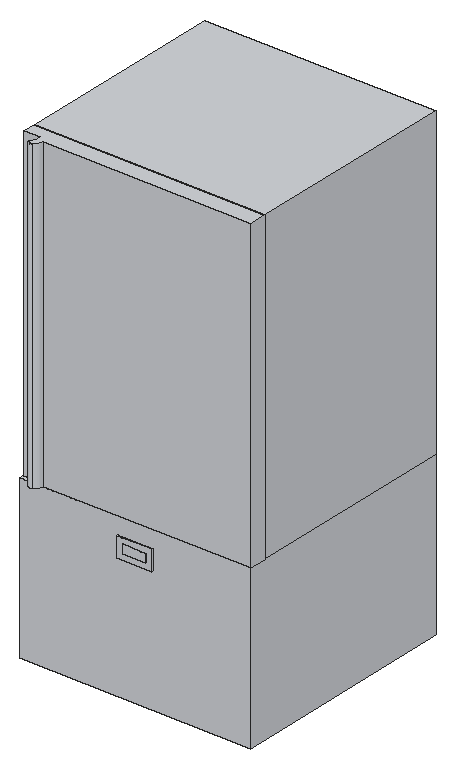
Revit family "Шкафы шоковой заморозки", category Оборудование, Revit 2020 (continued)
Lines and regions (mm)
  model lines, visible <- "Высокий", detail levels fine
    curve 3170: line (400, -666.363, 132.715) -> (400, -645.15, 111.501)
    curve 3171: line (400, -666.363, 117.715) -> (400, -645.15, 96.501)
    curve 3172: line (400, -666.363, 102.715) -> (400, -645.15, 81.501)
    curve 3173: line (400, -636.363, 207.723) -> (400, -615.15, 186.501)
    curve 3174: line (400, -636.363, 192.715) -> (400, -615.15, 171.501)
    curve 3175: line (400, -636.363, 177.715) -> (400, -615.15, 156.501)
    curve 3176: line (400, -636.363, 162.715) -> (400, -615.15, 141.501)
    curve 3177: line (400, -636.363, 147.715) -> (400, -615.15, 126.501)
    curve 3178: line (400, -636.363, 132.715) -> (400, -615.15, 111.501)
    curve 3179: line (400, -636.363, 117.715) -> (400, -615.15, 96.501)
    curve 3180: line (400, -636.363, 102.715) -> (400, -615.15, 81.501)
    curve 3181: line (400, -606.363, 207.723) -> (400, -585.15, 186.501)
    curve 3182: line (400, -606.363, 192.715) -> (400, -585.15, 171.501)
    curve 3183: line (400, -606.363, 177.715) -> (400, -585.15, 156.501)
    curve 3184: line (400, -606.363, 162.715) -> (400, -585.15, 141.501)
    curve 3185: line (400, -606.363, 147.715) -> (400, -585.15, 126.501)
    curve 3186: line (400, -606.363, 132.715) -> (400, -585.15, 111.501)
    curve 3187: line (400, -606.363, 117.715) -> (400, -585.15, 96.501)
    curve 3188: line (400, -606.363, 102.715) -> (400, -585.15, 81.501)
    curve 3189: line (400, -576.363, 207.723) -> (400, -555.15, 186.501)
    curve 3190: line (400, -576.363, 192.715) -> (400, -555.15, 171.501)
    curve 3191: line (400, -576.363, 177.715) -> (400, -555.15, 156.501)
    curve 3192: line (400, -576.363, 162.715) -> (400, -555.15, 141.501)
    curve 3193: line (400, -576.363, 147.715) -> (400, -555.15, 126.501)
    curve 3194: line (400, -576.363, 132.715) -> (400, -555.15, 111.501)
    curve 3195: line (400, -576.363, 117.715) -> (400, -555.15, 96.501)
    curve 3196: line (400, -576.363, 102.715) -> (400, -555.15, 81.501)
    curve 3197: line (400, -546.363, 207.723) -> (400, -525.15, 186.501)
    curve 3198: line (400, -546.363, 192.715) -> (400, -525.15, 171.501)
    curve 3199: line (400, -546.363, 177.715) -> (400, -525.15, 156.501)
    curve 3200: line (400, -546.363, 162.715) -> (400, -525.15, 141.501)
    curve 3201: line (400, -546.363, 147.715) -> (400, -525.15, 126.501)
    curve 3202: line (400, -546.363, 132.715) -> (400, -525.15, 111.501)
    curve 3203: line (400, -546.363, 117.715) -> (400, -525.15, 96.501)
    curve 3204: line (400, -546.363, 102.715) -> (400, -525.15, 81.501)
    curve 3205: line (400, -516.363, 207.723) -> (400, -495.15, 186.501)
    curve 3206: line (400, -516.363, 192.715) -> (400, -495.15, 171.501)
    curve 3207: line (400, -516.363, 177.715) -> (400, -495.15, 156.501)
    curve 3208: line (400, -516.363, 162.715) -> (400, -495.15, 141.501)
    curve 3209: line (400, -516.363, 147.715) -> (400, -495.15, 126.501)
    curve 3210: line (400, -516.363, 132.715) -> (400, -495.15, 111.501)
    curve 3211: line (400, -516.363, 117.715) -> (400, -495.15, 96.501)
    curve 3212: line (400, -516.363, 102.715) -> (400, -495.15, 81.501)
    curve 3213: line (400, -486.363, 207.723) -> (400, -465.15, 186.501)
    curve 3214: line (400, -486.363, 192.715) -> (400, -465.15, 171.501)
    curve 3215: line (400, -486.363, 177.715) -> (400, -465.15, 156.501)
    curve 3216: line (400, -486.363, 162.715) -> (400, -465.15, 141.501)
    curve 3217: line (400, -486.363, 147.715) -> (400, -465.15, 126.501)
    curve 3218: line (400, -486.363, 132.715) -> (400, -465.15, 111.501)
    curve 3219: line (400, -486.363, 117.715) -> (400, -465.15, 96.501)
    curve 3220: line (400, -486.363, 102.715) -> (400, -465.15, 81.501)
    curve 3221: line (400, -456.363, 207.723) -> (400, -435.15, 186.501)
    curve 3222: line (400, -456.363, 192.715) -> (400, -435.15, 171.501)
    curve 3223: line (400, -456.363, 177.715) -> (400, -435.15, 156.501)
    curve 3224: line (400, -456.363, 162.715) -> (400, -435.15, 141.501)
    curve 3225: line (400, -456.363, 147.715) -> (400, -435.15, 126.501)
    curve 3226: line (400, -456.363, 132.715) -> (400, -435.15, 111.501)
    curve 3227: line (400, -456.363, 117.715) -> (400, -435.15, 96.501)
    curve 3228: line (400, -456.363, 102.715) -> (400, -435.15, 81.501)
    curve 3229: line (400, -426.363, 207.723) -> (400, -405.15, 186.501)
    curve 3230: line (400, -426.363, 192.715) -> (400, -405.15, 171.501)
    curve 3231: line (400, -426.363, 177.715) -> (400, -405.15, 156.501)
    curve 3232: line (400, -426.363, 162.715) -> (400, -405.15, 141.501)
    curve 3233: line (400, -426.363, 147.715) -> (400, -405.15, 126.501)
    curve 3234: line (400, -426.363, 132.715) -> (400, -405.15, 111.501)
    curve 3235: line (400, -426.363, 117.715) -> (400, -405.15, 96.501)
    curve 3236: line (400, -426.363, 102.715) -> (400, -405.15, 81.501)
    curve 3237: line (400, -396.363, 207.723) -> (400, -375.15, 186.501)
    curve 3238: line (400, -396.363, 192.715) -> (400, -375.15, 171.501)
    curve 3239: line (400, -396.363, 177.715) -> (400, -375.15, 156.501)
    curve 3240: line (400, -396.363, 162.715) -> (400, -375.15, 141.501)
    curve 3241: line (400, -396.363, 147.715) -> (400, -375.15, 126.501)
    curve 3242: line (400, -396.363, 132.715) -> (400, -375.15, 111.501)
    curve 3243: line (400, -396.363, 117.715) -> (400, -375.15, 96.501)
    curve 3244: line (400, -396.363, 102.715) -> (400, -375.15, 81.501)
    curve 3245: line (400, -71.801, 207.715) -> (400, -92.85, 186.501)
    curve 3246: line (400, -71.801, 192.715) -> (400, -92.85, 171.501)
    curve 3247: line (400, -71.801, 177.715) -> (400, -92.85, 156.501)
    curve 3248: line (400, -71.801, 162.715) -> (400, -92.85, 141.501)
    curve 3249: line (400, -71.801, 147.715) -> (400, -92.85, 126.501)
    curve 3250: line (400, -71.801, 132.715) -> (400, -92.85, 111.501)
    curve 3251: line (400, -71.801, 117.715) -> (400, -92.85, 96.501)
    curve 3252: line (400, -71.801, 102.715) -> (400, -92.85, 81.501)
    curve 3253: line (400, -101.637, 207.723) -> (400, -122.85, 186.501)
    curve 3254: line (400, -101.637, 192.715) -> (400, -122.85, 171.501)
    curve 3255: line (400, -101.637, 177.715) -> (400, -122.85, 156.501)
    curve 3256: line (400, -101.637, 162.715) -> (400, -122.85, 141.501)
    curve 3257: line (400, -101.637, 147.715) -> (400, -122.85, 126.501)
    curve 3258: line (400, -101.637, 132.715) -> (400, -122.85, 111.501)
    curve 3259: line (400, -101.637, 117.715) -> (400, -122.85, 96.501)
    curve 3260: line (400, -101.637, 102.715) -> (400, -122.85, 81.501)
    curve 3261: line (400, -131.637, 207.723) -> (400, -152.85, 186.501)
    curve 3262: line (400, -131.637, 192.715) -> (400, -152.85, 171.501)
    curve 3263: line (400, -131.637, 177.715) -> (400, -152.85, 156.501)
    curve 3264: line (400, -131.637, 162.715) -> (400, -152.85, 141.501)
    curve 3265: line (400, -131.637, 147.715) -> (400, -152.85, 126.501)
    curve 3266: line (400, -131.637, 132.715) -> (400, -152.85, 111.501)
    curve 3267: line (400, -131.637, 117.715) -> (400, -152.85, 96.501)
    curve 3268: line (400, -131.637, 102.715) -> (400, -152.85, 81.501)
    curve 3269: line (400, -161.637, 207.723) -> (400, -182.85, 186.501)
    curve 3270: line (400, -161.637, 192.715) -> (400, -182.85, 171.501)
    curve 3271: line (400, -161.637, 177.715) -> (400, -182.85, 156.501)
    curve 3272: line (400, -161.637, 162.715) -> (400, -182.85, 141.501)
    curve 3273: line (400, -161.637, 147.715) -> (400, -182.85, 126.501)
    curve 3274: line (400, -161.637, 132.715) -> (400, -182.85, 111.501)
    curve 3275: line (400, -161.637, 117.715) -> (400, -182.85, 96.501)
    curve 3276: line (400, -161.637, 102.715) -> (400, -182.85, 81.501)
    curve 3277: line (400, -191.637, 207.723) -> (400, -212.85, 186.501)
    curve 3278: line (400, -191.637, 192.715) -> (400, -212.85, 171.501)
    curve 3279: line (400, -191.637, 177.715) -> (400, -212.85, 156.501)
    curve 3280: line (400, -191.637, 162.715) -> (400, -212.85, 141.501)
    curve 3281: line (400, -191.637, 147.715) -> (400, -212.85, 126.501)
    curve 3282: line (400, -191.637, 132.715) -> (400, -212.85, 111.501)
    curve 3283: line (400, -191.637, 117.715) -> (400, -212.85, 96.501)
    curve 3284: line (400, -191.637, 102.715) -> (400, -212.85, 81.501)
    curve 3285: line (400, -221.637, 207.723) -> (400, -242.85, 186.501)
    curve 3286: line (400, -221.637, 192.715) -> (400, -242.85, 171.501)
    curve 3287: line (400, -221.637, 177.715) -> (400, -242.85, 156.501)
    curve 3288: line (400, -221.637, 162.715) -> (400, -242.85, 141.501)
    curve 3289: line (400, -221.637, 147.715) -> (400, -242.85, 126.501)
    curve 3290: line (400, -221.637, 132.715) -> (400, -242.85, 111.501)
    curve 3291: line (400, -221.637, 117.715) -> (400, -242.85, 96.501)
    curve 3292: line (400, -221.637, 102.715) -> (400, -242.85, 81.501)
    curve 3293: line (400, -251.637, 207.723) -> (400, -272.85, 186.501)
    curve 3294: line (400, -251.637, 192.715) -> (400, -272.85, 171.501)
    curve 3295: line (400, -251.637, 177.715) -> (400, -272.85, 156.501)
    curve 3296: line (400, -251.637, 162.715) -> (400, -272.85, 141.501)
    curve 3297: line (400, -251.637, 147.715) -> (400, -272.85, 126.501)
    curve 3298: line (400, -251.637, 132.715) -> (400, -272.85, 111.501)
    curve 3299: line (400, -251.637, 117.715) -> (400, -272.85, 96.501)
    curve 3300: line (400, -251.637, 102.715) -> (400, -272.85, 81.501)
    curve 3301: line (400, -281.637, 207.723) -> (400, -302.85, 186.501)
    curve 3302: line (400, -281.637, 192.715) -> (400, -302.85, 171.501)
    curve 3303: line (400, -281.637, 177.715) -> (400, -302.85, 156.501)
    curve 3304: line (400, -281.637, 162.715) -> (400, -302.85, 141.501)
    curve 3305: line (400, -281.637, 147.715) -> (400, -302.85, 126.501)
    curve 3306: line (400, -281.637, 132.715) -> (400, -302.85, 111.501)
    curve 3307: line (400, -281.637, 117.715) -> (400, -302.85, 96.501)
    curve 3308: line (400, -281.637, 102.715) -> (400, -302.85, 81.501)
    curve 3309: line (400, -311.637, 207.723) -> (400, -332.85, 186.501)
    curve 3310: line (400, -311.637, 192.715) -> (400, -332.85, 171.501)
    curve 3311: line (400, -311.637, 177.715) -> (400, -332.85, 156.501)
    curve 3312: line (400, -311.637, 162.715) -> (400, -332.85, 141.501)
    curve 3313: line (400, -311.637, 147.715) -> (400, -332.85, 126.501)
    curve 3314: line (400, -311.637, 132.715) -> (400, -332.85, 111.501)
    curve 3315: line (400, -311.637, 117.715) -> (400, -332.85, 96.501)
    curve 3316: line (400, -311.637, 102.715) -> (400, -332.85, 81.501)
    curve 3317: line (400, -341.637, 207.723) -> (400, -362.85, 186.501)
    curve 3318: line (400, -341.637, 192.715) -> (400, -362.85, 171.501)
    curve 3319: line (400, -341.637, 177.715) -> (400, -362.85, 156.501)
    curve 3320: line (400, -341.637, 162.715) -> (400, -362.85, 141.501)
    curve 3321: line (400, -341.637, 147.715) -> (400, -362.85, 126.501)
    curve 3322: line (400, -341.637, 132.715) -> (400, -362.85, 111.501)
    curve 3323: line (400, -341.637, 117.715) -> (400, -362.85, 96.501)
    curve 3324: line (400, -341.637, 102.715) -> (400, -362.85, 81.501)
    curve 3328: line (400, -666.363, 333.182) -> (400, -645.15, 311.961)
    curve 3329: line (400, -666.363, 318.174) -> (400, -645.15, 296.961)
    curve 3330: line (400, -666.363, 303.174) -> (400, -645.15, 281.961)
    curve 3331: line (400, -666.363, 288.174) -> (400, -645.15, 266.961)
    curve 3332: line (400, -666.355, 273.174) -> (400, -645.15, 251.961)
    curve 3333: line (400, -666.363, 258.174) -> (400, -645.15, 236.961)
    curve 3334: line (400, -666.363, 243.174) -> (400, -645.15, 221.961)
    curve 3335: line (400, -666.363, 228.174) -> (400, -645.15, 206.961)
    curve 3336: line (400, -636.363, 333.182) -> (400, -615.15, 311.961)
    curve 3337: line (400, -636.363, 318.174) -> (400, -615.15, 296.961)
    curve 3338: line (400, -636.363, 303.174) -> (400, -615.15, 281.961)
    curve 3339: line (400, -636.363, 288.174) -> (400, -615.15, 266.961)
    curve 3340: line (400, -636.363, 273.174) -> (400, -615.15, 251.961)
    curve 3341: line (400, -636.363, 258.174) -> (400, -615.15, 236.961)
    curve 3342: line (400, -636.363, 243.174) -> (400, -615.15, 221.961)
    curve 3343: line (400, -636.363, 228.174) -> (400, -615.15, 206.961)
    curve 3344: line (400, -606.363, 333.182) -> (400, -585.15, 311.961)
    curve 3345: line (400, -606.363, 318.174) -> (400, -585.15, 296.961)
    curve 3346: line (400, -606.363, 303.174) -> (400, -585.15, 281.961)
    curve 3347: line (400, -606.363, 288.174) -> (400, -585.15, 266.961)
    curve 3348: line (400, -606.363, 273.174) -> (400, -585.15, 251.961)
    curve 3349: line (400, -606.363, 258.174) -> (400, -585.15, 236.961)
    curve 3350: line (400, -606.363, 243.174) -> (400, -585.15, 221.961)
    curve 3351: line (400, -606.363, 228.174) -> (400, -585.15, 206.961)
    curve 3352: line (400, -576.363, 333.182) -> (400, -555.15, 311.961)
    curve 3353: line (400, -576.363, 318.174) -> (400, -555.15, 296.961)
    curve 3354: line (400, -576.363, 303.174) -> (400, -555.15, 281.961)
    curve 3355: line (400, -576.363, 288.174) -> (400, -555.15, 266.961)
    curve 3356: line (400, -576.363, 273.174) -> (400, -555.15, 251.961)
    curve 3357: line (400, -576.363, 258.174) -> (400, -555.15, 236.961)
    curve 3358: line (400, -576.363, 243.174) -> (400, -555.15, 221.961)
    curve 3359: line (400, -576.363, 228.174) -> (400, -555.15, 206.961)
    curve 3360: line (400, -546.363, 333.182) -> (400, -525.15, 311.961)
    curve 3361: line (400, -546.363, 318.174) -> (400, -525.15, 296.961)
    curve 3362: line (400, -546.363, 303.174) -> (400, -525.15, 281.961)
    curve 3363: line (400, -546.363, 288.174) -> (400, -525.15, 266.961)
    curve 3364: line (400, -546.363, 273.174) -> (400, -525.15, 251.961)
    curve 3365: line (400, -546.363, 258.174) -> (400, -525.15, 236.961)
    curve 3366: line (400, -546.363, 243.174) -> (400, -525.15, 221.961)
    curve 3367: line (400, -546.363, 228.174) -> (400, -525.15, 206.961)
    curve 3368: line (400, -516.363, 333.182) -> (400, -495.15, 311.961)
    curve 3369: line (400, -516.363, 318.174) -> (400, -495.15, 296.961)
    curve 3370: line (400, -516.363, 303.174) -> (400, -495.15, 281.961)
    curve 3371: line (400, -516.363, 288.174) -> (400, -495.15, 266.961)
    curve 3372: line (400, -516.363, 273.174) -> (400, -495.15, 251.961)
    curve 3373: line (400, -516.363, 258.174) -> (400, -495.15, 236.961)
    curve 3374: line (400, -516.363, 243.174) -> (400, -495.15, 221.961)
    curve 3375: line (400, -516.363, 228.174) -> (400, -495.15, 206.961)
    curve 3376: line (400, -486.363, 333.182) -> (400, -465.15, 311.961)
    curve 3377: line (400, -486.363, 318.174) -> (400, -465.15, 296.961)
    curve 3378: line (400, -486.363, 303.174) -> (400, -465.15, 281.961)
    curve 3379: line (400, -486.363, 288.174) -> (400, -465.15, 266.961)
    curve 3380: line (400, -486.363, 273.174) -> (400, -465.15, 251.961)
    curve 3381: line (400, -486.363, 258.174) -> (400, -465.15, 236.961)
    curve 3382: line (400, -486.363, 243.174) -> (400, -465.15, 221.961)
    curve 3383: line (400, -486.363, 228.174) -> (400, -465.15, 206.961)
    curve 3384: line (400, -456.363, 333.182) -> (400, -435.15, 311.961)
    curve 3385: line (400, -456.363, 318.174) -> (400, -435.15, 296.961)
    curve 3386: line (400, -456.363, 303.174) -> (400, -435.15, 281.961)
    curve 3387: line (400, -456.363, 288.174) -> (400, -435.15, 266.961)
    curve 3388: line (400, -456.363, 273.174) -> (400, -435.15, 251.961)
    curve 3389: line (400, -456.363, 258.174) -> (400, -435.15, 236.961)
    curve 3390: line (400, -456.363, 243.174) -> (400, -435.15, 221.961)
    curve 3391: line (400, -456.363, 228.174) -> (400, -435.15, 206.961)
    curve 3392: line (400, -426.363, 333.182) -> (400, -405.15, 311.961)
    curve 3393: line (400, -426.363, 318.174) -> (400, -405.15, 296.961)
    curve 3394: line (400, -426.363, 303.174) -> (400, -405.15, 281.961)
    curve 3395: line (400, -426.363, 288.174) -> (400, -405.15, 266.961)
    curve 3396: line (400, -426.363, 273.174) -> (400, -405.15, 251.961)
    curve 3397: line (400, -426.363, 258.174) -> (400, -405.15, 236.961)
    curve 3398: line (400, -426.363, 243.174) -> (400, -405.15, 221.961)
    curve 3399: line (400, -426.363, 228.174) -> (400, -405.15, 206.961)
    curve 3400: line (400, -396.363, 333.182) -> (400, -375.15, 311.961)
    curve 3401: line (400, -396.363, 318.174) -> (400, -375.15, 296.961)
    curve 3402: line (400, -396.363, 303.174) -> (400, -375.15, 281.961)
    curve 3403: line (400, -396.363, 288.174) -> (400, -375.15, 266.961)
    curve 3404: line (400, -396.363, 273.174) -> (400, -375.15, 251.961)
    curve 3405: line (400, -396.363, 258.174) -> (400, -375.15, 236.961)
    curve 3406: line (400, -396.363, 243.174) -> (400, -375.15, 221.961)
    curve 3407: line (400, -396.363, 228.174) -> (400, -375.15, 206.961)
    curve 3408: line (400, -71.801, 333.182) -> (400, -92.85, 311.961)
    curve 3409: line (400, -71.801, 318.174) -> (400, -92.85, 296.961)
    curve 3410: line (400, -71.801, 303.174) -> (400, -92.85, 281.961)
    curve 3411: line (400, -71.801, 288.174) -> (400, -92.85, 266.961)
    curve 3412: line (400, -71.801, 273.174) -> (400, -92.85, 251.961)
    curve 3413: line (400, -71.801, 258.174) -> (400, -92.85, 236.961)
    curve 3414: line (400, -71.801, 243.174) -> (400, -92.85, 221.961)
    curve 3415: line (400, -71.801, 228.174) -> (400, -92.85, 206.961)
    curve 3416: line (400, -101.637, 333.182) -> (400, -122.85, 311.961)
    curve 3417: line (400, -101.637, 318.174) -> (400, -122.85, 296.961)
    curve 3418: line (400, -101.637, 303.174) -> (400, -122.85, 281.961)
    curve 3419: line (400, -101.637, 288.174) -> (400, -122.85, 266.961)
    curve 3420: line (400, -101.637, 273.174) -> (400, -122.85, 251.961)
    curve 3421: line (400, -101.637, 258.174) -> (400, -122.85, 236.961)
    curve 3422: line (400, -101.637, 243.174) -> (400, -122.85, 221.961)
    curve 3423: line (400, -101.637, 228.174) -> (400, -122.85, 206.961)
    curve 3424: line (400, -131.637, 333.182) -> (400, -152.85, 311.961)
    curve 3425: line (400, -131.637, 318.174) -> (400, -152.85, 296.961)
    curve 3426: line (400, -131.637, 303.174) -> (400, -152.85, 281.961)
    curve 3427: line (400, -131.637, 288.174) -> (400, -152.85, 266.961)
    curve 3428: line (400, -131.637, 273.174) -> (400, -152.85, 251.961)
    curve 3429: line (400, -131.637, 258.174) -> (400, -152.85, 236.961)
    curve 3430: line (400, -131.637, 243.174) -> (400, -152.85, 221.961)
    curve 3431: line (400, -131.637, 228.174) -> (400, -152.85, 206.961)
    curve 3432: line (400, -161.637, 333.182) -> (400, -182.85, 311.961)
    curve 3433: line (400, -161.637, 318.174) -> (400, -182.85, 296.961)
    curve 3434: line (400, -161.637, 303.174) -> (400, -182.85, 281.961)
    curve 3435: line (400, -161.637, 288.174) -> (400, -182.85, 266.961)
    curve 3436: line (400, -161.637, 273.174) -> (400, -182.85, 251.961)
    curve 3437: line (400, -161.637, 258.174) -> (400, -182.85, 236.961)
    curve 3438: line (400, -161.637, 243.174) -> (400, -182.85, 221.961)
    curve 3439: line (400, -161.637, 228.174) -> (400, -182.85, 206.961)
    curve 3440: line (400, -191.637, 333.182) -> (400, -212.85, 311.961)
    curve 3441: line (400, -191.637, 318.174) -> (400, -212.85, 296.961)
    curve 3442: line (400, -191.637, 303.174) -> (400, -212.85, 281.961)
    curve 3443: line (400, -191.637, 288.174) -> (400, -212.85, 266.961)
    curve 3444: line (400, -191.637, 273.174) -> (400, -212.85, 251.961)
    curve 3445: line (400, -191.637, 258.174) -> (400, -212.85, 236.961)
    curve 3446: line (400, -191.637, 243.174) -> (400, -212.85, 221.961)
    curve 3447: line (400, -191.637, 228.174) -> (400, -212.85, 206.961)
    curve 3448: line (400, -221.637, 333.182) -> (400, -242.85, 311.961)
    curve 3449: line (400, -221.637, 318.174) -> (400, -242.85, 296.961)
    curve 3450: line (400, -221.637, 303.174) -> (400, -242.85, 281.961)
    curve 3451: line (400, -221.637, 288.174) -> (400, -242.85, 266.961)
    curve 3452: line (400, -221.637, 273.174) -> (400, -242.85, 251.961)
    curve 3453: line (400, -221.637, 258.174) -> (400, -242.85, 236.961)
    curve 3454: line (400, -221.637, 243.174) -> (400, -242.85, 221.961)
    curve 3455: line (400, -221.637, 228.174) -> (400, -242.85, 206.961)
    curve 3456: line (400, -251.637, 333.182) -> (400, -272.85, 311.961)
    curve 3457: line (400, -251.637, 318.174) -> (400, -272.85, 296.961)
    curve 3458: line (400, -251.637, 303.174) -> (400, -272.85, 281.961)
    curve 3459: line (400, -251.637, 288.174) -> (400, -272.85, 266.961)
    curve 3460: line (400, -251.637, 273.174) -> (400, -272.85, 251.961)
    curve 3461: line (400, -251.637, 258.174) -> (400, -272.85, 236.961)
    curve 3462: line (400, -251.637, 243.174) -> (400, -272.85, 221.961)
    curve 3463: line (400, -251.637, 228.174) -> (400, -272.85, 206.961)
    curve 3464: line (400, -281.637, 333.182) -> (400, -302.85, 311.961)
    curve 3465: line (400, -281.637, 318.174) -> (400, -302.85, 296.961)
    curve 3466: line (400, -281.637, 303.174) -> (400, -302.85, 281.961)
    curve 3467: line (400, -281.637, 288.174) -> (400, -302.85, 266.961)
    curve 3468: line (400, -281.637, 273.174) -> (400, -302.85, 251.961)
    curve 3469: line (400, -281.637, 258.174) -> (400, -302.85, 236.961)
    curve 3470: line (400, -281.637, 243.174) -> (400, -302.85, 221.961)
    curve 3471: line (400, -281.637, 228.174) -> (400, -302.85, 206.961)
    curve 3472: line (400, -311.637, 333.182) -> (400, -332.85, 311.961)
    curve 3473: line (400, -311.637, 318.174) -> (400, -332.85, 296.961)
    curve 3474: line (400, -311.637, 303.174) -> (400, -332.85, 281.961)
    curve 3475: line (400, -311.637, 288.174) -> (400, -332.85, 266.961)
    curve 3476: line (400, -311.637, 273.174) -> (400, -332.85, 251.961)
    curve 3477: line (400, -311.637, 258.174) -> (400, -332.85, 236.961)
    curve 3478: line (400, -311.637, 243.174) -> (400, -332.85, 221.961)
    curve 3479: line (400, -311.637, 228.174) -> (400, -332.85, 206.961)
    curve 3480: line (400, -341.637, 333.182) -> (400, -362.85, 311.961)
    curve 3481: line (400, -341.637, 318.174) -> (400, -362.85, 296.961)
    curve 3482: line (400, -341.637, 303.174) -> (400, -362.85, 281.961)
    curve 3483: line (400, -341.637, 288.174) -> (400, -362.85, 266.961)
    curve 3484: line (400, -341.637, 273.174) -> (400, -362.85, 251.961)
    curve 3485: line (400, -341.637, 258.174) -> (400, -362.85, 236.961)
    curve 3486: line (400, -341.637, 243.174) -> (400, -362.85, 221.961)
    curve 3487: line (400, -341.637, 228.174) -> (400, -362.85, 206.961)
  model lines, visible <- "Высокий", detail levels medium
    curve 1213: line (-258.293, -800, 555.159) -> (-258.293, -800, 56.857)
    curve 1214: line (-258.293, -800, 56.857) -> (258.293, -800, 56.857)
    curve 1215: line (258.293, -800, 56.857) -> (258.293, -800, 555.159)
    curve 1216: line (258.293, -800, 555.159) -> (84.151, -800, 555.159)
    curve 1217: line (84.151, -800, 555.159) -> (84.151, -800, 451.017)
    curve 1218: line (84.151, -800, 451.017) -> (-84.151, -800, 451.017)
    curve 1219: line (-84.151, -800, 451.017) -> (-84.151, -800, 555.159)
    curve 1220: line (-84.151, -800, 555.159) -> (-258.293, -800, 555.159)
    curve 1659: line (1228.311, -800, 130.271) -> (1228.311, -800, -368.031)
    curve 1660: line (1228.311, -800, -368.031) -> (1744.897, -800, -368.031)
    curve 1661: line (1744.897, -800, -368.031) -> (1744.897, -800, 130.271)
    curve 1662: line (1744.897, -800, 130.271) -> (1570.755, -800, 130.271)
    curve 1663: line (1570.755, -800, 130.271) -> (1570.755, -800, 26.128)
    curve 1664: line (1570.755, -800, 26.128) -> (1402.453, -800, 26.128)
    curve 1665: line (1402.453, -800, 26.128) -> (1402.453, -800, 130.271)
    curve 1666: line (1402.453, -800, 130.271) -> (1228.311, -800, 130.271)
    curve 3001: line (-400, -71.801, 77.264) -> (-400, -71.801, 333.494)
    curve 3002: line (-400, -664.716, 77.264) -> (-400, -71.801, 77.264)
    curve 3003: line (-400, -664.716, 332.264) -> (-400, -664.716, 77.264)
    curve 3164: line (-400, -71.801, 333.494) -> (-400, -666.528, 333.494)
    curve 3325: line (400, -71.801, 77.264) -> (400, -71.801, 333.182)
    curve 3326: line (400, -664.716, 77.264) -> (400, -71.801, 77.264)
    curve 3327: line (400, -664.716, 332.264) -> (400, -664.716, 77.264)
    curve 3488: line (400, -71.801, 333.182) -> (400, -666.363, 333.182)
Dimensions and locks
  plane 6 to plane 2 = 900 mm
  locked: plane 8 to plane 2 at 40
  locked: plane 7 to plane 8 at 340
  plane 6 to plane 7 = 520 mm
  equal spacing: plane 5, plane 3 "По центру (Влево/Вправо)", plane 4
  locked: plane 5 to plane 4 at 800
  locked: plane 9 to plane 1 "По центру (Вперед/Назад)" at 800
  locked: plane 10 to plane 9 at 61
  plane 12 to plane 3 "По центру (Влево/Вправо)" to plane 11 = 60 mm locked, 60 mm locked
  locked: plane 13 to plane 14 at 70
  locked: plane 14 to plane 2 at 260
  plane 9 to plane 15 = 5 mm
  locked: Extrusion 5 sketch curve to plane 11 at 20
  locked: plane 12 to Extrusion 5 sketch curve at 20
  locked: Extrusion 5 sketch curve to plane 14 at 20
  locked: plane 13 to Extrusion 5 sketch curve at 20
  locked: plane 17 to plane 8 at 560
  plane 18 to plane 2 = 1670 mm
  locked: plane 4 to plane 19 at 100
  locked: plane 20 to plane 5 at 100
  locked: plane 22 to plane 10 at 100
  locked: plane 21 to plane 1 "По центру (Вперед/Назад)" at 100
  aligned and locked: level to plane 2
  aligned and locked: Extrusion 1 sketch curve to plane 6
  aligned and locked: plane 4 to Extrusion 1 sketch curve
  aligned and locked: plane 7 to Extrusion 1 sketch curve
  aligned and locked: Extrusion 1 sketch curve to plane 5
  aligned and locked: Extrusion 1 to plane 10
  aligned and locked: Extrusion 1 to plane 1 "По центру (Вперед/Назад)"
  aligned and locked: Extrusion 2 sketch curve to Extrusion 1  (x2)
  aligned and locked: plane 8 to Extrusion 2 sketch curve
  aligned and locked: Extrusion 2 sketch curve to plane 5
  aligned and locked: Extrusion 2 to plane 9
  aligned and locked: Extrusion 2 to plane 1 "По центру (Вперед/Назад)"
  aligned and locked: plane 5 to Extrusion 3 sketch curve
  aligned and locked: Extrusion 3 sketch curve to plane 4
  aligned and locked: plane 6 to Extrusion 3
  aligned and locked: Extrusion 3 to plane 7
  aligned and locked: plane 13 to Extrusion 4
  aligned and locked: Extrusion 4 to plane 14
  aligned and locked: Extrusion 4 to plane 11
  aligned and locked: plane 12 to Extrusion 4
  aligned and locked: plane 9 to Extrusion 4
  aligned and locked: Extrusion 4 to plane 15
  aligned and locked: plane 9 to Extrusion 5
  aligned and locked: Extrusion 4 to Extrusion 5
  aligned and locked: Extrusion 6 sketch curve to plane 17
  aligned and locked: plane 8 to Extrusion 6 sketch curve
  aligned and locked: plane 4 to Extrusion 6 sketch curve
  aligned and locked: Extrusion 6 sketch curve to plane 5
  aligned and locked: Extrusion 6 to plane 1 "По центру (Вперед/Назад)"
  aligned and locked: Extrusion 6 to plane 9
  aligned and locked: Extrusion 7 to Extrusion 8
  aligned and locked: Extrusion 9 sketch curve to plane 18
  aligned and locked: plane 4 to Extrusion 9 sketch curve
  aligned and locked: Extrusion 9 sketch curve to Extrusion 6  (x2)
  aligned and locked: Extrusion 9 to plane 1 "По центру (Вперед/Назад)"
  aligned and locked: Extrusion 9 to Extrusion 1
  aligned and locked: plane 18 to Extrusion 10
  aligned and locked: Extrusion 3 to plane 6
  aligned and locked: plane 8 to Extrusion 11
Automatic sketch dimensions
  Extrusion 8 sketch curve to plane 17 = 108.414 mm
  Extrusion 8 sketch curve to plane 5 = 440 mm
  Extrusion 8 sketch curve to Extrusion 8 sketch curve = 80 mm
  Extrusion 8 sketch curve to Extrusion 8 sketch curve = 30 mm
  Extrusion 3 sketch curve to plane 9 = 0 mm
  Extrusion 3 sketch curve to plane 10 = 0 mm
  plane 4 to Extrusion 3 sketch curve = 26.75 mm
  plane 9 to Extrusion 3 sketch curve = 1.661 mm
  Extrusion 3 sketch curve to Extrusion 3 sketch curve = 21.778 mm
  Extrusion 3 sketch curve to Extrusion 3 sketch curve = 5.565 mm
  Extrusion 3 sketch curve to Extrusion 3 sketch curve = 6.472 mm
  Extrusion 3 sketch curve to Extrusion 3 sketch curve = 22.505 mm
  Extrusion 3 sketch curve to plane 15 = 12.611 mm
  plane 9 to Extrusion 3 sketch curve = 8 mm
  plane 9 to Extrusion 3 sketch curve = 16 mm
  Extrusion 3 sketch curve to Extrusion 3 sketch curve = 9.093 mm
  Extrusion 4 sketch curve to plane 11 = 0 mm
  Extrusion 4 sketch curve to plane 12 = 0 mm
  Extrusion 4 sketch curve to plane 14 = 0 mm
  Extrusion 4 sketch curve to plane 13 = 0 mm
  plane 7 to Extrusion 7 sketch curve = 91.586 mm
  Extrusion 7 sketch curve to plane 5 = 460 mm
  Extrusion 7 sketch curve to Extrusion 7 sketch curve = 120 mm
  Extrusion 7 sketch curve to plane 17 = 58.414 mm
  curve 959 to curve 1219 = 174.142 mm
  curve 835 to curve 1036 = 168.302 mm
  curve 1216 to curve 1212 = 174.142 mm
  curve 1213 to curve 835 = 394.16 mm
  curve 835 to curve 1213 = 104.142 mm
  curve 1036 to curve 1212 = 104.142 mm
  curve 1770 to curve 1769 = 14.142 mm
  curve 961 to curve 960 = 14.142 mm
  curve 962 to curve 961 = 14.142 mm
  curve 963 to curve 962 = 14.142 mm
  curve 964 to curve 963 = 14.142 mm
  curve 965 to curve 964 = 14.142 mm
  curve 960 to curve 959 = 14.142 mm
  curve 966 to curve 965 = 14.142 mm
  curve 975 to curve 1185 = 14.142 mm
  curve 967 to curve 966 = 14.142 mm
  curve 1951 to curve 1950 = 14.142 mm
  curve 968 to curve 967 = 14.142 mm
  curve 969 to curve 968 = 14.142 mm
  curve 1185 to curve 1203 = 14.142 mm
  curve 970 to curve 969 = 14.142 mm
  curve 1950 to curve 1949 = 14.142 mm
  curve 1763 to curve 970 = 14.142 mm
  curve 1949 to curve 1948 = 14.142 mm
  curve 959 to curve 971 = 14.142 mm
  curve 970 to curve 1763 = 0 mm
  curve 1948 to curve 1947 = 14.142 mm
  curve 1765 to curve 1764 = 14.142 mm
  curve 971 to curve 972 = 14.142 mm
  curve 1766 to curve 1765 = 14.142 mm
  curve 972 to curve 973 = 14.142 mm
  curve 1767 to curve 1766 = 14.142 mm
  curve 973 to curve 974 = 14.142 mm
  curve 1768 to curve 1767 = 14.142 mm
  curve 974 to curve 975 = 14.142 mm
  curve 1769 to curve 1768 = 14.142 mm
  curve 1770 to curve 1947 = 0 mm
  curve 1952 to curve 1951 = 14.142 mm
  curve 974 to curve 956 = 5.858 mm
  curve 1951 to curve 1946 = 5.858 mm
  curve 975 to curve 957 = 5.858 mm
  curve 973 to curve 955 = 5.858 mm
  curve 1950 to curve 1945 = 5.858 mm
  curve 1185 to curve 958 = 5.858 mm
  curve 972 to curve 954 = 5.858 mm
  curve 1949 to curve 1944 = 5.858 mm
  curve 969 to curve 953 = 5.858 mm
  curve 968 to curve 952 = 5.858 mm
  curve 1769 to curve 1762 = 5.858 mm
  curve 967 to curve 951 = 5.858 mm
  curve 1768 to curve 1761 = 5.858 mm
  curve 966 to curve 950 = 5.858 mm
  curve 1767 to curve 1760 = 5.858 mm
  curve 1203 to curve 1184 = 5.858 mm
  curve 965 to curve 949 = 5.858 mm
  curve 1766 to curve 1759 = 5.858 mm
  curve 964 to curve 948 = 5.858 mm
  curve 1765 to curve 1758 = 5.858 mm
  curve 963 to curve 947 = 5.858 mm
  curve 1764 to curve 1757 = 5.858 mm
  curve 962 to curve 946 = 5.858 mm
  curve 1202 to curve 1184 = 0 mm
  curve 1763 to curve 1756 = 5.858 mm
  curve 961 to curve 945 = 5.858 mm
  curve 970 to curve 1755 = 5.858 mm
  curve 1770 to curve 1941 = 5.858 mm
  curve 960 to curve 944 = 5.858 mm
  curve 1947 to curve 1942 = 5.858 mm
  curve 959 to curve 943 = 5.858 mm
  curve 1948 to curve 1943 = 5.858 mm
  curve 971 to curve 942 = 5.858 mm
  curve 958 to curve 1184 = 14.142 mm
  curve 957 to curve 958 = 14.142 mm
  curve 956 to curve 957 = 14.142 mm
  curve 955 to curve 956 = 14.142 mm
  curve 954 to curve 955 = 14.142 mm
  curve 1946 to curve 1945 = 14.142 mm
  curve 942 to curve 954 = 14.142 mm
  curve 1945 to curve 1944 = 14.142 mm
  curve 1755 to curve 953 = 14.142 mm
  curve 1944 to curve 1943 = 14.142 mm
  curve 953 to curve 952 = 14.142 mm
  curve 1941 to curve 1762 = 14.142 mm
  curve 952 to curve 951 = 14.142 mm
  curve 1762 to curve 1761 = 14.142 mm
  curve 951 to curve 950 = 14.142 mm
  curve 1761 to curve 1760 = 14.142 mm
  curve 950 to curve 949 = 14.142 mm
  curve 1760 to curve 1759 = 14.142 mm
  curve 949 to curve 948 = 14.142 mm
  curve 1759 to curve 1758 = 14.142 mm
  curve 948 to curve 947 = 14.142 mm
  curve 1758 to curve 1757 = 14.142 mm
  curve 947 to curve 946 = 14.142 mm
  curve 1757 to curve 1756 = 14.142 mm
  curve 946 to curve 945 = 14.142 mm
  curve 953 to curve 1755 = 0 mm
  curve 945 to curve 944 = 14.142 mm
  curve 1762 to curve 1941 = 0 mm
  curve 944 to curve 943 = 14.142 mm
  curve 1943 to curve 1942 = 14.142 mm
  curve 943 to curve 942 = 14.142 mm
  curve 1184 to curve 1202 = 14.142 mm
  curve 954 to curve 925 = 5.858 mm
  curve 1942 to curve 1937 = 5.858 mm
  curve 942 to curve 926 = 5.858 mm
  curve 951 to curve 935 = 5.858 mm
  curve 1941 to curve 1936 = 5.858 mm
  curve 952 to curve 936 = 5.858 mm
  curve 955 to curve 937 = 5.858 mm
  curve 1762 to curve 1935 = 5.858 mm
  curve 943 to curve 927 = 5.858 mm
  curve 956 to curve 938 = 5.858 mm
  curve 944 to curve 928 = 5.858 mm
  curve 957 to curve 939 = 5.858 mm
  curve 945 to curve 929 = 5.858 mm
  curve 958 to curve 940 = 5.858 mm
  curve 946 to curve 930 = 5.858 mm
  curve 1184 to curve 941 = 5.858 mm
  curve 947 to curve 931 = 5.858 mm
  curve 949 to curve 933 = 5.858 mm
  curve 953 to curve 1747 = 5.858 mm
  curve 1202 to curve 1201 = 5.858 mm
  curve 948 to curve 932 = 5.858 mm
  curve 1755 to curve 1748 = 5.858 mm
  curve 1202 to curve 1183 = 5.858 mm
  curve 1761 to curve 1754 = 5.858 mm
  curve 1943 to curve 1938 = 5.858 mm
  curve 1756 to curve 1749 = 5.858 mm
  curve 1760 to curve 1753 = 5.858 mm
  curve 1944 to curve 1939 = 5.858 mm
  curve 1757 to curve 1750 = 5.858 mm
  curve 1759 to curve 1752 = 5.858 mm
  curve 1945 to curve 1940 = 5.858 mm
  curve 1758 to curve 1751 = 5.858 mm
  curve 950 to curve 934 = 5.858 mm
  curve 1751 to curve 1750 = 14.142 mm
  curve 1940 to curve 1939 = 14.142 mm
  curve 1753 to curve 1752 = 14.142 mm
  curve 1750 to curve 1749 = 14.142 mm
  curve 1939 to curve 1938 = 14.142 mm
  curve 1754 to curve 1753 = 14.142 mm
  curve 926 to curve 925 = 14.142 mm
  curve 1749 to curve 1748 = 14.142 mm
  curve 1938 to curve 1937 = 14.142 mm
  curve 1935 to curve 1754 = 14.142 mm
  curve 941 to curve 1183 = 14.142 mm
  curve 933 to curve 932 = 14.142 mm
  curve 1183 to curve 1201 = 14.142 mm
  curve 1748 to curve 1747 = 14.142 mm
  curve 932 to curve 931 = 14.142 mm
  curve 934 to curve 933 = 14.142 mm
  curve 940 to curve 941 = 14.142 mm
  curve 931 to curve 930 = 14.142 mm
  curve 939 to curve 940 = 14.142 mm
  curve 930 to curve 929 = 14.142 mm
  curve 938 to curve 939 = 14.142 mm
  curve 929 to curve 928 = 14.142 mm
  curve 937 to curve 938 = 14.142 mm
  curve 928 to curve 927 = 14.142 mm
  curve 925 to curve 937 = 14.142 mm
  curve 927 to curve 926 = 14.142 mm
  curve 936 to curve 1747 = 0 mm
  curve 1754 to curve 1935 = 0 mm
  curve 936 to curve 935 = 14.142 mm
  curve 1937 to curve 1936 = 14.142 mm
  curve 935 to curve 934 = 14.142 mm
  curve 1752 to curve 1751 = 14.142 mm
  curve 1747 to curve 1740 = 5.858 mm
  curve 1201 to curve 1200 = 5.858 mm
  curve 936 to curve 1739 = 5.858 mm
  curve 1935 to curve 1930 = 5.858 mm
  curve 1936 to curve 1931 = 5.858 mm
  curve 1937 to curve 1932 = 5.858 mm
  curve 1753 to curve 1746 = 5.858 mm
  curve 1938 to curve 1933 = 5.858 mm
  curve 1939 to curve 1934 = 5.858 mm
  curve 1752 to curve 1745 = 5.858 mm
  curve 1751 to curve 1744 = 5.858 mm
  curve 1754 to curve 1929 = 5.858 mm
  curve 1750 to curve 1743 = 5.858 mm
  curve 1749 to curve 1742 = 5.858 mm
  curve 1748 to curve 1741 = 5.858 mm
  curve 1201 to curve 1182 = 5.858 mm
  curve 1183 to curve 924 = 5.858 mm
  curve 941 to curve 923 = 5.858 mm
  curve 940 to curve 922 = 5.858 mm
  curve 939 to curve 921 = 5.858 mm
  curve 938 to curve 920 = 5.858 mm
  curve 935 to curve 919 = 5.858 mm
  curve 934 to curve 918 = 5.858 mm
  curve 933 to curve 917 = 5.858 mm
  curve 932 to curve 916 = 5.858 mm
  curve 931 to curve 915 = 5.858 mm
  curve 930 to curve 914 = 5.858 mm
  curve 929 to curve 913 = 5.858 mm
  curve 928 to curve 912 = 5.858 mm
  curve 927 to curve 911 = 5.858 mm
  curve 926 to curve 910 = 5.858 mm
  curve 925 to curve 909 = 5.858 mm
  curve 937 to curve 908 = 5.858 mm
  curve 1930 to curve 1929 = 14.142 mm
  curve 1742 to curve 1741 = 14.142 mm
  curve 1932 to curve 1931 = 14.142 mm
  curve 1746 to curve 1929 = 0 mm
  curve 1182 to curve 1200 = 14.142 mm
  curve 1933 to curve 1932 = 14.142 mm
  curve 1746 to curve 1745 = 14.142 mm
  curve 1934 to curve 1933 = 14.142 mm
  curve 1743 to curve 1742 = 14.142 mm
  curve 1740 to curve 1739 = 14.142 mm
  curve 1745 to curve 1744 = 14.142 mm
  curve 1744 to curve 1743 = 14.142 mm
  curve 923 to curve 924 = 14.142 mm
  curve 922 to curve 923 = 14.142 mm
  curve 921 to curve 922 = 14.142 mm
  curve 909 to curve 908 = 14.142 mm
  curve 1741 to curve 1740 = 14.142 mm
  curve 910 to curve 909 = 14.142 mm
  curve 920 to curve 921 = 14.142 mm
  curve 911 to curve 910 = 14.142 mm
  curve 924 to curve 1182 = 14.142 mm
  curve 912 to curve 911 = 14.142 mm
  curve 908 to curve 920 = 14.142 mm
  curve 913 to curve 912 = 14.142 mm
  curve 919 to curve 1739 = 0 mm
  curve 914 to curve 913 = 14.142 mm
  curve 919 to curve 918 = 14.142 mm
  curve 915 to curve 914 = 14.142 mm
  curve 918 to curve 917 = 14.142 mm
  curve 916 to curve 915 = 14.142 mm
  curve 917 to curve 916 = 14.142 mm
  curve 1931 to curve 1930 = 14.142 mm
  curve 1200 to curve 1181 = 5.858 mm
  curve 1744 to curve 1737 = 5.858 mm
  curve 910 to curve 894 = 5.858 mm
  curve 912 to curve 896 = 5.858 mm
  curve 1746 to curve 1923 = 5.858 mm
  curve 909 to curve 893 = 5.858 mm
  curve 913 to curve 897 = 5.858 mm
  curve 919 to curve 1731 = 5.858 mm
  curve 914 to curve 898 = 5.858 mm
  curve 908 to curve 892 = 5.858 mm
  curve 915 to curve 899 = 5.858 mm
  curve 1739 to curve 1732 = 5.858 mm
  curve 1931 to curve 1926 = 5.858 mm
  curve 920 to curve 891 = 5.858 mm
  curve 1182 to curve 907 = 5.858 mm
  curve 1742 to curve 1735 = 5.858 mm
  curve 1930 to curve 1925 = 5.858 mm
  curve 924 to curve 906 = 5.858 mm
  curve 1740 to curve 1733 = 5.858 mm
  curve 1741 to curve 1734 = 5.858 mm
  curve 1199 to curve 1181 = 0 mm
  curve 1743 to curve 1736 = 5.858 mm
  curve 923 to curve 905 = 5.858 mm
  curve 922 to curve 904 = 5.858 mm
  curve 1745 to curve 1738 = 5.858 mm
  curve 921 to curve 903 = 5.858 mm
  curve 1932 to curve 1927 = 5.858 mm
  curve 918 to curve 902 = 5.858 mm
  curve 917 to curve 901 = 5.858 mm
  curve 1933 to curve 1928 = 5.858 mm
  curve 916 to curve 900 = 5.858 mm
  curve 911 to curve 895 = 5.858 mm
  curve 1929 to curve 1924 = 5.858 mm
  curve 1734 to curve 1733 = 14.142 mm
  curve 1736 to curve 1735 = 14.142 mm
  curve 1733 to curve 1732 = 14.142 mm
  curve 892 to curve 891 = 14.142 mm
  curve 1732 to curve 1731 = 14.142 mm
  curve 893 to curve 892 = 14.142 mm
  curve 1924 to curve 1923 = 14.142 mm
  curve 894 to curve 893 = 14.142 mm
  curve 1737 to curve 1736 = 14.142 mm
  curve 895 to curve 894 = 14.142 mm
  curve 896 to curve 895 = 14.142 mm
  curve 897 to curve 896 = 14.142 mm
  curve 907 to curve 1181 = 14.142 mm
  curve 898 to curve 897 = 14.142 mm
  curve 1926 to curve 1925 = 14.142 mm
  curve 900 to curve 899 = 14.142 mm
  curve 899 to curve 898 = 14.142 mm
  curve 1738 to curve 1737 = 14.142 mm
  curve 906 to curve 907 = 14.142 mm
  curve 905 to curve 906 = 14.142 mm
  curve 904 to curve 905 = 14.142 mm
  curve 1927 to curve 1926 = 14.142 mm
  curve 1181 to curve 1199 = 14.142 mm
  curve 903 to curve 904 = 14.142 mm
  curve 891 to curve 903 = 14.142 mm
  curve 902 to curve 1731 = 0 mm
  curve 902 to curve 901 = 14.142 mm
  curve 1925 to curve 1924 = 14.142 mm
  curve 901 to curve 900 = 14.142 mm
  curve 1735 to curve 1734 = 14.142 mm
  curve 1738 to curve 1923 = 0 mm
  curve 1928 to curve 1927 = 14.142 mm
  curve 1923 to curve 1918 = 5.858 mm
  curve 907 to curve 889 = 5.858 mm
  curve 1733 to curve 1726 = 5.858 mm
  curve 1734 to curve 1727 = 5.858 mm
  curve 906 to curve 888 = 5.858 mm
  curve 905 to curve 887 = 5.858 mm
  curve 1732 to curve 1725 = 5.858 mm
  curve 1735 to curve 1728 = 5.858 mm
  curve 904 to curve 886 = 5.858 mm
  curve 901 to curve 885 = 5.858 mm
  curve 1199 to curve 1198 = 5.858 mm
  curve 1736 to curve 1729 = 5.858 mm
  curve 1731 to curve 1724 = 5.858 mm
  curve 903 to curve 874 = 5.858 mm
  curve 900 to curve 884 = 5.858 mm
  curve 891 to curve 875 = 5.858 mm
  curve 899 to curve 883 = 5.858 mm
  curve 1738 to curve 1917 = 5.858 mm
  curve 1199 to curve 1180 = 5.858 mm
  curve 892 to curve 876 = 5.858 mm
  curve 898 to curve 882 = 5.858 mm
  curve 897 to curve 881 = 5.858 mm
  curve 1924 to curve 1919 = 5.858 mm
  curve 896 to curve 880 = 5.858 mm
  curve 1925 to curve 1920 = 5.858 mm
  curve 895 to curve 879 = 5.858 mm
  curve 1926 to curve 1921 = 5.858 mm
  curve 894 to curve 878 = 5.858 mm
  curve 1927 to curve 1922 = 5.858 mm
  curve 1737 to curve 1730 = 5.858 mm
  curve 902 to curve 1723 = 5.858 mm
  curve 1181 to curve 890 = 5.858 mm
  curve 893 to curve 877 = 5.858 mm
  curve 878 to curve 877 = 14.142 mm
  curve 1917 to curve 1730 = 14.142 mm
  curve 1922 to curve 1921 = 14.142 mm
  curve 879 to curve 878 = 14.142 mm
  curve 1921 to curve 1920 = 14.142 mm
  curve 880 to curve 879 = 14.142 mm
  curve 1920 to curve 1919 = 14.142 mm
  curve 881 to curve 880 = 14.142 mm
  curve 877 to curve 876 = 14.142 mm
  curve 882 to curve 881 = 14.142 mm
  curve 1724 to curve 1723 = 14.142 mm
  curve 890 to curve 1180 = 14.142 mm
  curve 883 to curve 882 = 14.142 mm
  curve 876 to curve 875 = 14.142 mm
  curve 884 to curve 883 = 14.142 mm
  curve 875 to curve 874 = 14.142 mm
  curve 885 to curve 884 = 14.142 mm
  curve 1180 to curve 1198 = 14.142 mm
  curve 885 to curve 1723 = 0 mm
  curve 1725 to curve 1724 = 14.142 mm
  curve 874 to curve 886 = 14.142 mm
  curve 1728 to curve 1727 = 14.142 mm
  curve 886 to curve 887 = 14.142 mm
  curve 1726 to curve 1725 = 14.142 mm
  curve 887 to curve 888 = 14.142 mm
  curve 1919 to curve 1918 = 14.142 mm
  curve 1727 to curve 1726 = 14.142 mm
  curve 888 to curve 889 = 14.142 mm
  curve 1730 to curve 1729 = 14.142 mm
  curve 889 to curve 890 = 14.142 mm
  curve 1730 to curve 1917 = 0 mm
  curve 1729 to curve 1728 = 14.142 mm
  curve 1921 to curve 1916 = 5.858 mm
  curve 886 to curve 857 = 5.858 mm
  curve 885 to curve 1715 = 5.858 mm
  curve 874 to curve 858 = 5.858 mm
  curve 875 to curve 859 = 5.858 mm
  curve 1723 to curve 1716 = 5.858 mm
  curve 876 to curve 860 = 5.858 mm
  curve 1724 to curve 1717 = 5.858 mm
  curve 877 to curve 861 = 5.858 mm
  curve 878 to curve 862 = 5.858 mm
  curve 1725 to curve 1718 = 5.858 mm
  curve 879 to curve 863 = 5.858 mm
  curve 1726 to curve 1719 = 5.858 mm
  curve 880 to curve 864 = 5.858 mm
  curve 1727 to curve 1720 = 5.858 mm
  curve 881 to curve 865 = 5.858 mm
  curve 1728 to curve 1721 = 5.858 mm
  curve 882 to curve 866 = 5.858 mm
  curve 1729 to curve 1722 = 5.858 mm
  curve 883 to curve 867 = 5.858 mm
  curve 884 to curve 868 = 5.858 mm
  curve 1198 to curve 1179 = 5.858 mm
  curve 887 to curve 869 = 5.858 mm
  curve 1730 to curve 1911 = 5.858 mm
  curve 1917 to curve 1912 = 5.858 mm
  curve 1918 to curve 1913 = 5.858 mm
  curve 1919 to curve 1914 = 5.858 mm
  curve 889 to curve 871 = 5.858 mm
  curve 1920 to curve 1915 = 5.858 mm
  curve 890 to curve 872 = 5.858 mm
  curve 1180 to curve 873 = 5.858 mm
  curve 1197 to curve 1179 = 0 mm
  curve 888 to curve 870 = 5.858 mm
  curve 1911 to curve 1722 = 14.142 mm
  curve 1722 to curve 1721 = 14.142 mm
  curve 1721 to curve 1720 = 14.142 mm
  curve 1720 to curve 1719 = 14.142 mm
  curve 1719 to curve 1718 = 14.142 mm
  curve 858 to curve 857 = 14.142 mm
  curve 1718 to curve 1717 = 14.142 mm
  curve 859 to curve 858 = 14.142 mm
  curve 1717 to curve 1716 = 14.142 mm
  curve 1716 to curve 1715 = 14.142 mm
  curve 860 to curve 859 = 14.142 mm
  curve 861 to curve 860 = 14.142 mm
  curve 862 to curve 861 = 14.142 mm
  curve 863 to curve 862 = 14.142 mm
  curve 864 to curve 863 = 14.142 mm
  curve 865 to curve 864 = 14.142 mm
  curve 866 to curve 865 = 14.142 mm
  curve 867 to curve 866 = 14.142 mm
  curve 868 to curve 867 = 14.142 mm
  curve 873 to curve 1179 = 14.142 mm
  curve 868 to curve 1715 = 0 mm
  curve 857 to curve 869 = 14.142 mm
  curve 869 to curve 870 = 14.142 mm
  curve 870 to curve 871 = 14.142 mm
  curve 1722 to curve 1911 = 0 mm
  curve 1913 to curve 1912 = 14.142 mm
  curve 1914 to curve 1913 = 14.142 mm
  curve 1915 to curve 1914 = 14.142 mm
  curve 1916 to curve 1915 = 14.142 mm
  curve 871 to curve 872 = 14.142 mm
  curve 872 to curve 873 = 14.142 mm
  curve 1179 to curve 1197 = 14.142 mm
  curve 858 to curve 842 = 5.858 mm
  curve 860 to curve 844 = 5.858 mm
  curve 861 to curve 845 = 5.858 mm
  curve 862 to curve 846 = 5.858 mm
  curve 857 to curve 841 = 5.858 mm
  curve 869 to curve 840 = 5.858 mm
  curve 1915 to curve 1910 = 5.858 mm
  curve 1914 to curve 1909 = 5.858 mm
  curve 1197 to curve 1178 = 5.858 mm
  curve 868 to curve 1707 = 5.858 mm
  curve 1715 to curve 1708 = 5.858 mm
  curve 1716 to curve 1709 = 5.858 mm
  curve 1717 to curve 1710 = 5.858 mm
  curve 1718 to curve 1711 = 5.858 mm
  curve 1719 to curve 1712 = 5.858 mm
  curve 1720 to curve 1713 = 5.858 mm
  curve 1721 to curve 1714 = 5.858 mm
  curve 863 to curve 847 = 5.858 mm
  curve 1913 to curve 1908 = 5.858 mm
  curve 1196 to curve 1178 = 0 mm
  curve 1179 to curve 856 = 5.858 mm
  curve 873 to curve 855 = 5.858 mm
  curve 1912 to curve 1907 = 5.858 mm
  curve 872 to curve 854 = 5.858 mm
  curve 871 to curve 853 = 5.858 mm
  curve 1911 to curve 1906 = 5.858 mm
  curve 870 to curve 852 = 5.858 mm
  curve 867 to curve 851 = 5.858 mm
  curve 866 to curve 850 = 5.858 mm
  curve 865 to curve 849 = 5.858 mm
  curve 864 to curve 848 = 5.858 mm
  curve 1722 to curve 1905 = 5.858 mm
  curve 859 to curve 843 = 5.858 mm
  curve 1714 to curve 1713 = 14.142 mm
  curve 848 to curve 847 = 14.142 mm
  curve 849 to curve 848 = 14.142 mm
  curve 850 to curve 849 = 14.142 mm
  curve 851 to curve 850 = 14.142 mm
  curve 1707 to curve 851 = 14.142 mm
  curve 840 to curve 852 = 14.142 mm
  curve 852 to curve 853 = 14.142 mm
  curve 853 to curve 854 = 14.142 mm
  curve 854 to curve 855 = 14.142 mm
  curve 842 to curve 841 = 14.142 mm
  curve 1709 to curve 1708 = 14.142 mm
  curve 843 to curve 842 = 14.142 mm
  curve 1710 to curve 1709 = 14.142 mm
  curve 841 to curve 840 = 14.142 mm
  curve 844 to curve 843 = 14.142 mm
  curve 1909 to curve 1908 = 14.142 mm
  curve 1908 to curve 1907 = 14.142 mm
  curve 1907 to curve 1906 = 14.142 mm
  curve 1906 to curve 1905 = 14.142 mm
  curve 1711 to curve 1710 = 14.142 mm
  curve 845 to curve 844 = 14.142 mm
  curve 1712 to curve 1711 = 14.142 mm
  curve 846 to curve 845 = 14.142 mm
  curve 1713 to curve 1712 = 14.142 mm
  curve 847 to curve 846 = 14.142 mm
  curve 1178 to curve 1196 = 14.142 mm
  curve 1714 to curve 1905 = 0 mm
  curve 855 to curve 856 = 14.142 mm
  curve 1910 to curve 1909 = 14.142 mm
  curve 856 to curve 1178 = 14.142 mm
  curve 851 to curve 1707 = 0 mm
  curve 1714 to curve 1899 = 5.858 mm
  curve 851 to curve 1699 = 5.858 mm
  curve 849 to curve 833 = 5.858 mm
  curve 1707 to curve 1700 = 5.858 mm
  curve 844 to curve 828 = 5.858 mm
  curve 848 to curve 832 = 5.858 mm
  curve 843 to curve 827 = 5.858 mm
  curve 1708 to curve 1701 = 5.858 mm
  curve 847 to curve 831 = 5.858 mm
  curve 1709 to curve 1702 = 5.858 mm
  curve 846 to curve 830 = 5.858 mm
  curve 1906 to curve 1901 = 5.858 mm
  curve 1710 to curve 1703 = 5.858 mm
  curve 1907 to curve 1902 = 5.858 mm
  curve 845 to curve 829 = 5.858 mm
  curve 1711 to curve 1704 = 5.858 mm
  curve 842 to curve 826 = 5.858 mm
  curve 1908 to curve 1903 = 5.858 mm
  curve 1196 to curve 1177 = 5.858 mm
  curve 854 to curve 836 = 5.858 mm
  curve 1909 to curve 1904 = 5.858 mm
  curve 841 to curve 825 = 5.858 mm
  curve 840 to curve 824 = 5.858 mm
  curve 852 to curve 823 = 5.858 mm
  curve 850 to curve 834 = 5.858 mm
  curve 853 to curve 835 = 5.858 mm
  curve 855 to curve 837 = 5.858 mm
  curve 1178 to curve 839 = 5.858 mm
  curve 1195 to curve 1219 = 14.142 mm  (x2)
  curve 1905 to curve 1900 = 5.858 mm
  curve 1712 to curve 1705 = 5.858 mm
  curve 1713 to curve 1706 = 5.858 mm
  curve 856 to curve 838 = 5.858 mm
  curve 1706 to curve 1705 = 14.142 mm
  curve 1705 to curve 1704 = 14.142 mm
  curve 1704 to curve 1703 = 14.142 mm
  curve 830 to curve 829 = 14.142 mm
  curve 1703 to curve 1702 = 14.142 mm
  curve 831 to curve 830 = 14.142 mm
  curve 1702 to curve 1701 = 14.142 mm
  curve 832 to curve 831 = 14.142 mm
  curve 1701 to curve 1700 = 14.142 mm
  curve 833 to curve 832 = 14.142 mm
  curve 1700 to curve 1699 = 14.142 mm
  curve 834 to curve 833 = 14.142 mm
  curve 829 to curve 828 = 14.142 mm
  curve 1900 to curve 1899 = 14.142 mm
  curve 828 to curve 827 = 14.142 mm
  curve 1901 to curve 1900 = 14.142 mm
  curve 827 to curve 826 = 14.142 mm
  curve 1902 to curve 1901 = 14.142 mm
  curve 1903 to curve 1902 = 14.142 mm
  curve 1904 to curve 1903 = 14.142 mm
  curve 826 to curve 825 = 14.142 mm
  curve 825 to curve 824 = 14.142 mm
  curve 824 to curve 823 = 14.142 mm
  curve 834 to curve 1699 = 0 mm
  curve 1706 to curve 1899 = 0 mm
  curve 1900 to curve 1895 = 5.858 mm
  curve 827 to curve 816 = 5.858 mm
  curve 826 to curve 815 = 5.858 mm
  curve 823 to curve 812 = 5.858 mm
  curve 828 to curve 817 = 5.858 mm
  curve 825 to curve 814 = 5.858 mm
  curve 829 to curve 818 = 5.858 mm
  curve 1903 to curve 1898 = 5.858 mm
  curve 830 to curve 819 = 5.858 mm
  curve 1902 to curve 1897 = 5.858 mm
  curve 831 to curve 820 = 5.858 mm
  curve 1901 to curve 1896 = 5.858 mm
  curve 832 to curve 821 = 5.858 mm
  curve 1899 to curve 1894 = 5.858 mm
  curve 833 to curve 822 = 5.858 mm
  curve 1706 to curve 1893 = 5.858 mm
  curve 824 to curve 813 = 5.858 mm
  curve 834 to curve 1691 = 5.858 mm
  curve 1705 to curve 1698 = 5.858 mm
  curve 1699 to curve 1692 = 5.858 mm
  curve 1704 to curve 1697 = 5.858 mm
  curve 1700 to curve 1693 = 5.858 mm
  curve 1703 to curve 1696 = 5.858 mm
  curve 1701 to curve 1694 = 5.858 mm
  curve 1702 to curve 1695 = 5.858 mm
  curve 835 to curve 811 = 5.858 mm
  curve 1696 to curve 1695 = 14.142 mm
  curve 1694 to curve 1693 = 14.142 mm
  curve 1697 to curve 1696 = 14.142 mm
  curve 1693 to curve 1692 = 14.142 mm
  curve 1698 to curve 1697 = 14.142 mm
  curve 1692 to curve 1691 = 14.142 mm
  curve 1893 to curve 1698 = 14.142 mm
  curve 814 to curve 813 = 14.142 mm
  curve 822 to curve 1691 = 0 mm
  curve 1698 to curve 1893 = 0 mm
  curve 822 to curve 821 = 14.142 mm
  curve 1895 to curve 1894 = 14.142 mm
  curve 1896 to curve 1895 = 14.142 mm
  curve 821 to curve 820 = 14.142 mm
  curve 1897 to curve 1896 = 14.142 mm
  curve 820 to curve 819 = 14.142 mm
  curve 1898 to curve 1897 = 14.142 mm
  curve 819 to curve 818 = 14.142 mm
  curve 818 to curve 817 = 14.142 mm
  curve 815 to curve 814 = 14.142 mm
  curve 813 to curve 812 = 14.142 mm
  curve 817 to curve 816 = 14.142 mm
  curve 812 to curve 811 = 14.142 mm
  curve 1695 to curve 1694 = 14.142 mm
  curve 816 to curve 815 = 14.142 mm
  curve 822 to curve 1683 = 5.858 mm
  curve 1691 to curve 1684 = 5.858 mm
  curve 1692 to curve 1685 = 5.858 mm
  curve 1693 to curve 1686 = 5.858 mm
  curve 1694 to curve 1687 = 5.858 mm
  curve 1695 to curve 1688 = 5.858 mm
  curve 1696 to curve 1689 = 5.858 mm
  curve 1697 to curve 1690 = 5.858 mm
  curve 1698 to curve 1887 = 5.858 mm
  curve 1893 to curve 1888 = 5.858 mm
  curve 1894 to curve 1889 = 5.858 mm
  curve 1895 to curve 1890 = 5.858 mm
  curve 1896 to curve 1891 = 5.858 mm
  curve 1897 to curve 1892 = 5.858 mm
  curve 821 to curve 810 = 5.858 mm
  curve 820 to curve 809 = 5.858 mm
  curve 819 to curve 808 = 5.858 mm
  curve 818 to curve 807 = 5.858 mm
  curve 817 to curve 806 = 5.858 mm
  curve 816 to curve 805 = 5.858 mm
  curve 815 to curve 804 = 5.858 mm
  curve 814 to curve 803 = 5.858 mm
  curve 813 to curve 802 = 5.858 mm
  curve 812 to curve 801 = 5.858 mm
  curve 811 to curve 800 = 5.858 mm
  curve 799 to curve 800 = 0 mm
  curve 807 to curve 806 = 14.142 mm
  curve 810 to curve 809 = 14.142 mm
  curve 1683 to curve 810 = 14.142 mm
  curve 808 to curve 807 = 14.142 mm
  curve 806 to curve 805 = 14.142 mm
  curve 805 to curve 804 = 14.142 mm
  curve 804 to curve 803 = 14.142 mm
  curve 803 to curve 802 = 14.142 mm
  curve 802 to curve 801 = 14.142 mm
  curve 1888 to curve 1887 = 14.142 mm
  curve 1889 to curve 1888 = 14.142 mm
  curve 1890 to curve 1889 = 14.142 mm
  curve 1891 to curve 1890 = 14.142 mm
  curve 1892 to curve 1891 = 14.142 mm
  curve 1690 to curve 1887 = 0 mm
  curve 1690 to curve 1689 = 14.142 mm
  curve 1689 to curve 1688 = 14.142 mm
  curve 1688 to curve 1687 = 14.142 mm
  curve 1687 to curve 1686 = 14.142 mm
  curve 800 to curve 799 = 14.142 mm
  curve 1686 to curve 1685 = 14.142 mm
  curve 801 to curve 800 = 14.142 mm
  curve 810 to curve 1683 = 0 mm
  curve 1685 to curve 1684 = 14.142 mm
  curve 809 to curve 808 = 14.142 mm
  curve 1688 to curve 1681 = 5.858 mm
  curve 809 to curve 798 = 5.858 mm
  curve 808 to curve 797 = 5.858 mm
  curve 1687 to curve 1680 = 5.858 mm
  curve 807 to curve 796 = 5.858 mm
  curve 1686 to curve 1679 = 5.858 mm
  curve 806 to curve 795 = 5.858 mm
  curve 1685 to curve 1678 = 5.858 mm
  curve 805 to curve 794 = 5.858 mm
  curve 1684 to curve 1677 = 5.858 mm
  curve 804 to curve 793 = 5.858 mm
  curve 1683 to curve 1676 = 5.858 mm
  curve 803 to curve 792 = 5.858 mm
  curve 810 to curve 1675 = 5.858 mm
  curve 802 to curve 791 = 5.858 mm
  curve 801 to curve 790 = 5.858 mm
  curve 1891 to curve 1886 = 5.858 mm
  curve 800 to curve 789 = 5.858 mm
  curve 1890 to curve 1885 = 5.858 mm
  curve 799 to curve 788 = 5.858 mm
  curve 1889 to curve 1884 = 5.858 mm
  curve 787 to curve 788 = 0 mm
  curve 1888 to curve 1883 = 5.858 mm
  curve 1887 to curve 1882 = 5.858 mm
  curve 1689 to curve 1682 = 5.858 mm
  curve 1690 to curve 1881 = 5.858 mm
  curve 1882 to curve 1881 = 14.142 mm
  curve 1885 to curve 1884 = 14.142 mm
  curve 1886 to curve 1885 = 14.142 mm
  curve 1682 to curve 1881 = 0 mm
  curve 1682 to curve 1681 = 14.142 mm
  curve 1675 to curve 798 = 14.142 mm
  curve 1681 to curve 1680 = 14.142 mm
  curve 798 to curve 797 = 14.142 mm
  curve 1883 to curve 1882 = 14.142 mm
  curve 797 to curve 796 = 14.142 mm
  curve 1680 to curve 1679 = 14.142 mm
  curve 796 to curve 795 = 14.142 mm
  curve 1679 to curve 1678 = 14.142 mm
  curve 795 to curve 794 = 14.142 mm
  curve 1678 to curve 1677 = 14.142 mm
  curve 794 to curve 793 = 14.142 mm
  curve 1677 to curve 1676 = 14.142 mm
  curve 793 to curve 792 = 14.142 mm
  curve 798 to curve 1675 = 0 mm
  curve 792 to curve 791 = 14.142 mm
  curve 788 to curve 787 = 14.142 mm
  curve 791 to curve 790 = 14.142 mm
  curve 789 to curve 788 = 14.142 mm
